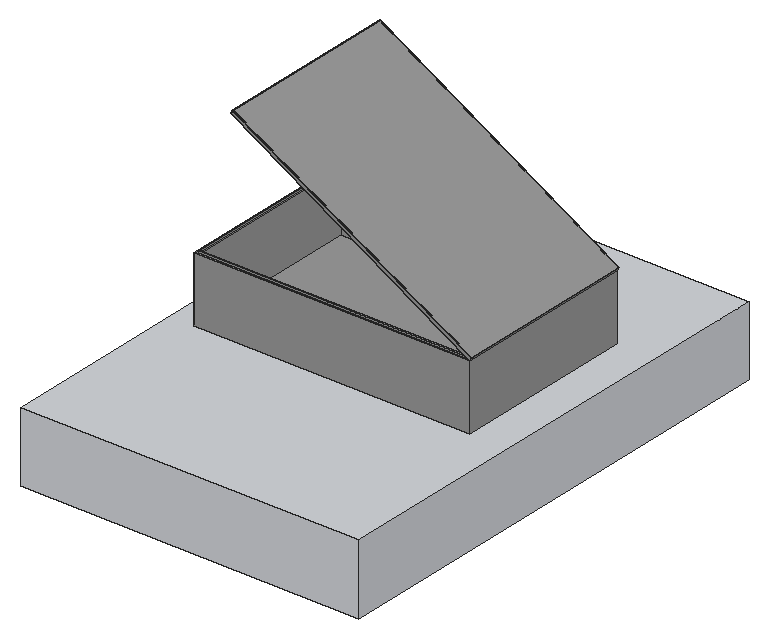
Revit family "Hager-Orion_Inox-IP55-D300-Cl.I-Inox_encl-630A-800mm-CH-it", category Equipement électrique, Revit 2020
Family settings
  Hôte = Face
  Configuration du panneau = Deux colonnes, circuits au sein
  Cote de connecteur circulaire = Utiliser le diamètre
  Type d'élément = Tableau de raccordement
  Couper avec des vides une fois chargée = Non
  Partagée = Non
  Point de calcul de pièce = Non
Parameters (values of type "A parete IP55 L1200 A800 P300  - FL055BWL")
  Width Control [instance] = if([EF000008 - Larghezza] > Min Width, [EF000008 - Larghezza], Min Width)  # 1200 mm
  Commentaires du type = [HG000003 - Gamma]  # "Orion Inox"
  Thickness Door [instance] = if([EF009171 - spessore materiale porta/coperchio] > 3 mm, 3 mm, [EF009171 - spessore materiale porta/coperchio])  # 1.5 mm
  Seal Frame Offset [instance] = 17 mm  # constant formula
  Model = ""
  Min Width [instance] = 100 mm  # constant formula
  Min Height [instance] = 100 mm  # constant formula
  Min Depth [instance] = (2 * [EF009170 - spessore materiale scatola]) + 1 mm  # 4 mm
  Internal Frame Depth [instance] = (Door System Depth * 0.5)  # 9 mm
  Height Control [instance] = if([EF000040 - Altezza] > Min Height, [EF000040 - Altezza], Min Height)  # 800 mm
  HG000027 - Altezza dello zoccolo = 0 mm
  HG000026 - A pavimento = no
  HG000024 - Altezza della sezione inferiore = 800 mm
  HG000023 - Custodia a doppia sezione = no
  HG000016 - Visibilità delle porte nella vista 3D [instance] = yes
  HG000015 - Visibilità attraverso la porta [instance] = no
  HG000014 - Porta destra [instance] = yes
  HG000013 - Porta sinistra [instance] = not([HG000014 - Porta destra])  # no
  HG000012 - Angolo di apertura della porta [instance] = 30.00°
  HG000010 - Porte asimmetriche = no
  HG000009 - Porta doppia a battente = no
  HG000006 - Ad incasso = no
  HG000004 - Codice produttore = "FL055BWL"
  HG000003 - Gamma = "Orion Inox"
  HG000002 - Con porta = yes
  Frame Offset Bottom [instance] = 10 mm  # constant formula
  Frame Offset [instance] = 15 mm  # constant formula
  EF015940 - Coprire con rilascio di sovrapressione = no
  EF011959 - tipo di protezione (NEMA) = ""
  EF009554 - numero delle aperture per la piastra della flangia = 0
  Fabricant = "Hager"  # constant formula
  EF009212 - esecuzione coperchio = "EV000116 - chiuso"
  EF009171 - spessore materiale porta/coperchio = 1.5 mm
  EF009170 - spessore materiale scatola = 1.5 mm
  EF008873 - corrente nominale (In) = 630 A
  EF007800 - adatto per parafulmine = no
  EF006306 - con serratura = yes
  EF006244 - coperchio/porta trasparente = no
  EF005474 - grado di protezione (IP) = "EV006420 - IP55"
  EF004464 - tipo di porta = "EV003602 - doppio"
  EF004427 - numero di moduli = 0
  EF004293 - resistenza agli urti = "EV008784 - IK10"
  EF003532 - adatto per uso esterno = yes
  EF002950 - Numero moduli DIN = 0
  EF001613 - Integrità del circuito = "EV000494 - senza"
  EF001596 - Attacco Lampada = "EV000166 - acciaio inossidabile"
  EF001131 - profondità interna = 266 mm
  EF001088 - possibilità di applicazione = yes
  EF000437 - numero di ingressi per conduttori = 0
  EF000339 - tipo di copertura = "EV004216 - porta"
  EF000266 - numero di file = 0
  EF000218 - profondità di incasso = 0 mm
  EF000118 - con piastra di montaggio = no
  EF000116 - numero RAL = ""
  EF000049 - profondità = 300 mm
  EF000040 - Altezza = 800 mm
  EF000008 - Larghezza = 1200 mm
  EF000007 - colore = "EV000154 - altri"
  EF000003 - Tipo di montaggio = "EV000384 - A parete"
  Door System Leaf Tolerance [instance] = 1.5 mm  # constant formula
  Door System Depth [instance] = 18 mm  # constant formula
  Depth Control [instance] = if([EF000049 - profondità] > Min Depth, [EF000049 - profondità], Min Depth)  # 300 mm
  Default Elevation = 0 mm
Types (4, lengths in mm): name | Width Control | HG000004 - Codice produttore | EF000008 - Larghezza
  A parete IP55 L1000 A800 P300  - FL054BW | 1000 | "FL054BW" | 1000
  A parete IP55 L1000 A800 P300  - FL054BWL | 1000 | "FL054BWL" | 1000
  A parete IP55 L1200 A800 P300  - FL055BW | 1200 | "FL055BW" | 1200
  A parete IP55 L1200 A800 P300  - FL055BWL | 1200 | "FL055BWL" | 1200
Reference planes
  plane 1 "Center (Front/Back)": y = 0
  plane 2: z = 0
  plane 3 "Center (Left/Right)": x = 0
  plane 4: z = 300
  plane 5: y = 1.5
  plane 6: y = 400
  plane 7: y = 0
  plane 8: y = 800
  plane 9: z = 0
  plane 10: x = -585
  plane 11: x = 585
  plane 12: x = 583.5
  plane 13: x = -583.5
  plane 14: y = 798.5
  plane 15: x = -583
  plane 16: x = -600
  plane 17: x = 583
  plane 18: x = 600
  plane 19: x = 598.5
  plane 20: x = -598.5
  plane 21: y = 11.5
  plane 22: y = 800
  plane 23: y = 783.5
  plane 24: z = 282
  plane 25: z = 1.5
  plane 26: z = 280.5
  plane 27: z = 298.5
Forms (mm)
  Extrusion 1, solid
    sketch origin (0, 0, 0) x (1, 0, 0) y (0, 1, 0)
      loop
        line (-702.964, 1305) -> (-702.964, -811.445) -> (766.763, -811.445) -> (766.763, 1305) -> (-702.964, 1305)
    from 0 to -304.8
  Extrusion 2, solid, material "Hager_Stainless_Steel", detail levels medium+fine
    sketch origin (0, 0, 0) x (1, 0, 0) y (0, 1, 0)
      loop
        line (-600, 0) -> (600, 0) -> (600, 800) -> (-600, 800) -> (-600, 0)
    from 0 to 282
  Extrusion 3, solid, material "Hager_Steel_RAL 7035_Light_Grey", not visible, detail levels medium+fine
    sketch origin (0, 28.16, 50.802) x (0, 1, 0) y (0, 0, 1)
      loop
        line (423.34, -50.802) -> (423.34, 237.698)
        arc (423.34, 237.698) -> (420.411, 244.769) -> (413.34, 247.698) r 10
        line (413.34, 247.698) -> (383.34, 247.698) -> (383.34, -50.802) -> (423.34, -50.802)
    from -598.5 to 598.5
  Extrusion 4, void
    sketch origin (0, 0, 0) x (1, 0, 0) y (0, 1, 0)
      loop
        line (-598.5, 1.5) -> (598.5, 1.5) -> (598.5, 798.5) -> (-598.5, 798.5) -> (-598.5, 1.5)
    from 1.5 to 280.5
  Extrusion 5, void
    sketch origin (-381.607, -4572, 282) x (0, -1, 0) y (-1, 0, 0)
      loop
        line (-4583.5, 201.893) -> (-5355.5, 201.893) -> (-5355.5, -965.107) -> (-4583.5, -965.107) -> (-4583.5, 201.893)
    from 0 to 1.5 <- "EF009170 - spessore materiale scatola"
  Extrusion 6, solid, material "Hager_Stainless_Steel", detail levels fine
    sketch origin (-381.607, -4572, 282) x (-1, 0, 0) y (0, -1, 0)
      loop
        line (201.893, -4583.5) -> (-965.107, -4583.5) -> (-965.107, -5355.5) -> (201.893, -5355.5) -> (201.893, -4583.5)
      loop
        line (202.893, -4582) -> (-966.107, -4582) -> (-966.107, -5357) -> (202.893, -5357) -> (202.893, -4582)
    from 0 to 9 <- "Internal Frame Depth"
  Extrusion 7, solid, material "Hager_Stainless_Steel", detail levels coarse
    sketch origin (0, 0, 0) x (1, 0, 0) y (0, 1, 0)
      loop
        line (-600, 0) -> (600, 0) -> (600, 800) -> (-600, 800) -> (-600, 0)
    from 0 to 300
Cuts and joins
  Extrusion 4, Extrusion 5 cuts Extrusion 2
Lines and regions (mm)
  Masking region 1
    outline origin (0, 0, 0) x (1, 0, 0) y (0, 0, 1)
      loop
        line (-600, 300) -> (-600, 0) -> (600, 0) -> (600, 300) -> (-600, 300)
  Masking region 2, detail levels medium+fine
    outline origin (0, 140, 0) x (0, 1, 0) y (0, 0, 1)
      loop
        line (-140, 0) -> (660, 0) -> (660, 282) -> (-140, 282) -> (-140, 0)
  Masking region 3, not visible, detail levels medium+fine
    outline origin (0, 297.922, 0) x (0, 1, 0) y (0, 0, 1)
      loop
        line (113.578, 0) -> (153.578, 0) -> (153.578, 288.5)
        arc (153.578, 288.5) -> (150.649, 295.571) -> (143.578, 298.5) r 10
        line (143.578, 298.5) -> (113.578, 298.5) -> (113.578, 0)
  Masking region 4, detail levels coarse
    outline origin (0, 0, 180) x (0, 1, 0) y (0, 0, 1)
      loop
        line (0, -180) -> (800, -180) -> (800, 120) -> (0, 120) -> (0, -180)
  Masking region 5
    outline origin (-381.607, -4572, 282) x (-1, 0, 0) y (0, -1, 0)
      loop
        line (218.393, -5372) -> (218.393, -4572) -> (-981.607, -4572) -> (-981.607, -5372) -> (218.393, -5372)
Dimensions and locks
  "Depth Control": plane 4 to Extrusion 1
  "EF009170 - spessore materiale scatola": plane 5 to plane 7
  locked: connector elem to plane 3 "Center (Left/Right)"
  equal spacing: plane 8, plane 6, plane 7
  locked: connector elem to plane 6
  "EF009170 - spessore materiale scatola": plane 8 to plane 14
  "EF009170 - spessore materiale scatola": plane 10 to plane 13
  "EF009170 - spessore materiale scatola": plane 12 to plane 11
  "Frame Offset": plane 20 to plane 13
  "Frame Offset": plane 12 to plane 19
  "EF009170 - spessore materiale scatola": plane 16 to plane 20
  "EF009170 - spessore materiale scatola": plane 19 to plane 18
  "Seal Frame Offset": plane 16 to plane 15
  "Seal Frame Offset": plane 17 to plane 18
  "Frame Offset Bottom": plane 21 to plane 5
  "Frame Offset": plane 14 to plane 23
  equal spacing: plane 16, plane 3 "Center (Left/Right)", plane 18
  "Width Control": plane 16 to plane 18
  "EF009170 - spessore materiale scatola": plane 4 to plane 27
  "EF009170 - spessore materiale scatola": plane 24 to plane 26
  "EF009170 - spessore materiale scatola": plane 25 to level
  "Door System Depth": plane 4 to plane 24
  "Height Control": plane 1 "Center (Front/Back)" to Extrusion 7 sketch curve
  "Height Control": Masking region 4 sketch curve to plane 1 "Center (Front/Back)"
  "Thickness Door": Extrusion 6 sketch curve to plane 15
  "Thickness Door": plane 21 to Extrusion 6 sketch curve
  "Thickness Door": plane 17 to Extrusion 6 sketch curve
  "Thickness Door": Extrusion 6 sketch curve to plane 23
  "Height Control": plane 1 "Center (Front/Back)" to plane 22
  radius of Masking region 3 sketch curve = 10 mm
  radius of Extrusion 3 sketch curve = 10 mm
  aligned and locked: plane 2 to Extrusion 1
  aligned and locked: level to Extrusion 1
  aligned and locked: level to Masking region 1 sketch curve
  aligned and locked: Masking region 1 sketch curve to plane 18
  aligned and locked: Masking region 1 sketch curve to plane 16
  aligned and locked: plane 7 to Masking region 2 sketch curve
  aligned and locked: level to Masking region 3 sketch curve
  aligned and locked: Masking region 3 sketch curve to plane 27
  aligned and locked: level to Masking region 2 sketch curve
  aligned and locked: Extrusion 2 sketch curve to plane 7
  aligned and locked: plane 16 to Extrusion 2 sketch curve
  aligned and locked: plane 18 to Extrusion 2 sketch curve
  aligned and locked: Extrusion 3 sketch curve to level
  aligned and locked: plane 27 to Extrusion 3 sketch curve
  aligned and locked: plane 20 to Extrusion 3
  aligned and locked: plane 19 to Extrusion 3
  aligned and locked: plane 20 to Extrusion 4 sketch curve
  aligned and locked: plane 19 to Extrusion 4 sketch curve
  aligned and locked: Extrusion 4 sketch curve to plane 5
  aligned and locked: Extrusion 4 to plane 25
  aligned and locked: plane 26 to Extrusion 4
  aligned and locked: plane 24 to Extrusion 2
  aligned and locked: Extrusion 5 sketch curve to plane 21
  aligned and locked: Extrusion 5 sketch curve to plane 13
  aligned and locked: Extrusion 5 sketch curve to plane 12
  aligned and locked: plane 18 to Extrusion 7 sketch curve
  aligned and locked: plane 1 "Center (Front/Back)" to Extrusion 7 sketch curve
  aligned and locked: plane 16 to Extrusion 7 sketch curve
  aligned and locked: plane 4 to Extrusion 7
  aligned and locked: Extrusion 7 to level
  aligned and locked: level to Masking region 4 sketch curve
  aligned and locked: Masking region 4 sketch curve to plane 1 "Center (Front/Back)"
  aligned and locked: Masking region 4 sketch curve to plane 4
  aligned and locked: nested 1 to level
  aligned and locked: nested 1 to plane 16
  aligned and locked: Extrusion 2 sketch curve to plane 8
  aligned and locked: Extrusion 5 sketch curve to plane 23
  aligned and locked: Extrusion 4 sketch curve to plane 14
  aligned and locked: Extrusion 6 sketch curve to plane 21
  aligned and locked: plane 13 to Extrusion 6 sketch curve
  aligned and locked: Extrusion 6 sketch curve to plane 23
  aligned and locked: plane 12 to Extrusion 6 sketch curve
  aligned and locked: Masking region 2 sketch curve to plane 8
  aligned and locked: Masking region 2 sketch curve to plane 24
  aligned and locked: nested 2 to plane 3 "Center (Left/Right)"
  aligned and locked: nested 2 to plane 24
  aligned and locked: Masking region 5 sketch curve to plane 1 "Center (Front/Back)"
  aligned and locked: Masking region 5 sketch curve to plane 18
  aligned and locked: Masking region 5 sketch curve to plane 22
  aligned and locked: Masking region 5 sketch curve to plane 16
  aligned and locked: plane 8 to plane 22
  aligned and locked: plane 7 to plane 1 "Center (Front/Back)"
  aligned and locked: nested 2 to plane 1 "Center (Front/Back)"
Automatic sketch dimensions
  Extrusion 1 sketch curve to Extrusion 1 sketch curve = 1469.727 mm
  Extrusion 1 sketch curve to Extrusion 1 sketch curve = 2116.445 mm
  plane 6 to Masking region 3 sketch curve = 11.5 mm
  Masking region 3 sketch curve to Masking region 3 sketch curve = 30 mm
  plane 6 to Extrusion 3 sketch curve = 11.5 mm
  Extrusion 3 sketch curve to Extrusion 3 sketch curve = 30 mm
  Masking region 1 sketch curve to plane 4 = 0 mm
Nested families
  nested 1: "Hager_Enclosure_Symbol" at (-600, 0, 0) x (1, 0, 0) z (0, -1, 0), Height <- "Depth Control", Width <- "Width Control", type "Hager_Enclosure_Symbol"
    with Width_Ctrl 1200 mm, Width 1200 mm, Height_Ctrl 300 mm, Height 300 mm, A_Width_Int 19.688 mm, A_Width 236.25 mm, A_Height_Ctrl 262.5 mm, A_Height 262.5 mm
  nested 2: "EC000058_OrionInox_Door" at (0, 800, 282) x (1, 0, 0) z (0, -1, 0), Leaf_Tolerance <- "Door System Leaf Tolerance", Angle <- "HG000012 - Angolo di apertura della porta", Door_Depth <- "Door System Depth", Door_Left <- "HG000013 - Porta sinistra", Transparent <- "EF006244 - coperchio/porta trasparente", Assymetrical <- "HG000010 - Porte asimmetriche", Width <- "Width Control", Clearance <- "HG000015 - Visibilità attraverso la porta", Double <- "HG000009 - Porta doppia a battente", 3d_Door <- "HG000016 - Visibilità delle porte nella vista 3D", Width_Ctrl <- "Width Control", Door_Right <- "HG000014 - Porta destra", Door <- "HG000002 - Con porta", Height <- "Height Control", Thickness <- "Thickness Door", type "EC000058_OrionInox_Door", detail levels medium+fine
    with min_wh 4 mm, Width_Ctrl 1200 mm, Width 1200 mm, Transparent no, Thickness 1.5 mm, Seal_Material Hager_Rubber, Leaf_Width 1200 mm, Leaf_Tolerance_External_Sides 0 mm, Leaf_Tolerance 1.5 mm, Leaf_Offset 0 mm, Leaf_Height 797 mm, Leaf_2_Width 1200 mm, Leaf_2_Offset 600 mm, Leaf_1_Width 1200 mm, Leaf_1_Offset 600 mm, Height_Ctrl 800 mm, Height 800 mm, Glass_Material Hager_Glass, Double_Clearance_Ctrl no, Double no, Door_Right_Ctrl yes, Door_Right yes, Door_Material Hager_Stainless_Steel, Door_Left_Ctrl no, Door_Left no, Door_Depth 18 mm, Door yes, Clearance_Material Hager_Clearance, Clearance_Depth 1200 mm, Clearance_Ctrl no, Clearance no, Assymetrical no, Angle 30.00°, 3d_Door yes
Connectors
  electrical at (0, 400, 0)
    settings: on plane 9, index 1, voltage 0 V, apparent load 0 VA, apparent load phase1 0 VA, apparent load phase2 0 VA, apparent load phase3 0 VA, power factor 1, load classification "Other", number of poles 1, system type 30, power factor state 1, is connector primary yes, connector utility no, sub classification motor no, connector description ""
Definition of nested family "EC000058_OrionInox_Door"
  Parameters (values of type "EC000058_OrionInox_Door")
    min_wh [instance] = (2 * Thickness) + 1 mm  # 11 mm
    Width_Ctrl [instance] = 400 mm
    Width [instance] = 500 mm
    Transparent [instance] = yes
    Thickness [instance] = 5 mm
    Seal_Material [instance] = none
    Leaf_Width [instance] = if((Width_Ctrl - 2 * Leaf_Tolerance_External_Sides) > 0 mm, (Width_Ctrl - 2 * Leaf_Tolerance_External_Sides), min_wh)  # 400 mm
    Leaf_Tolerance_External_Sides [instance] = 0 mm  # constant formula
    Leaf_Tolerance [instance] = 1.5 mm
    Leaf_Offset [instance] = 0 mm  # constant formula
    Leaf_Height [instance] = if((Height_Ctrl - 2 * Leaf_Tolerance) > 0 mm, (Height_Ctrl - 2 * Leaf_Tolerance), min_wh)  # 497 mm
    Leaf_2_Width [instance] = if(and(and(Double, Assymetrical), Door_Left), (Leaf_Width / 3) - (Leaf_Tolerance / 2), if(and(and(Double, Assymetrical), Door_Right), (Leaf_Width / 3) * 2 - (Leaf_Tolerance / 2), if(and(Double, not(Assymetrical)), (Leaf_Width / 2) - Leaf_Tolerance, Leaf_Width)))  # 400 mm
    Leaf_2_Offset [instance] = if(and(Double, Assymetrical), Leaf_2_Width / 2, if(and(Double, not(Assymetrical)), Leaf_Width / 4, Leaf_Width / 2))  # 200 mm
    Leaf_1_Width [instance] = if(and(and(Double, Assymetrical), Door_Right), (Leaf_Width / 3) - (Leaf_Tolerance / 2), if(and(and(Double, Assymetrical), Door_Left), (Width / 3) * 2 - (Leaf_Tolerance / 2), if(and(Double, not(Assymetrical)), (Leaf_Width / 2) - Leaf_Tolerance, Leaf_Width)))  # 400 mm
    Leaf_1_Offset [instance] = if(and(Double, Assymetrical), Leaf_1_Width / 2, if(and(Double, not(Assymetrical)), Leaf_Width / 4, Leaf_Width / 2))  # 200 mm
    Height_Ctrl [instance] = if(Height > min_wh, Height, min_wh)  # 500 mm
    Height [instance] = 500 mm
    Glass_Material [instance] = none
    Double_Clearance_Ctrl [instance] = and(Double, Clearance)  # no
    Double [instance] = no
    Door_Right_Ctrl [instance] = and(or(Door_Right, Double), Door)  # yes
    Door_Right [instance] = yes
    Door_Material [instance] = none
    Door_Left_Ctrl [instance] = and(or(Door_Left, Double), Door)  # no
    Door_Left [instance] = no
    Door_Depth [instance] = 30 mm
    Door [instance] = yes
    Default Elevation = 1219.2 mm
    Clearance_Material [instance] = none
    Clearance_Depth [instance] = if(Leaf_1_Width > Leaf_2_Width, Leaf_1_Width, Leaf_2_Width)  # 400 mm
    Clearance_Ctrl [instance] = and(not(Double), Clearance)  # yes
    Clearance [instance] = yes
    Assymetrical [instance] = yes
    Angle [instance] = 30.00°
    3d_Door [instance] = yes
  Reference planes
    plane 1 "Center (Front/Back)": y = 0
    plane 2 "Bottom": z = 0
    plane 3 "Center (Left/Right)": x = 0
    plane 4: z = 500
    plane 5: x = -200
    plane 6: x = 200
    plane 7: z = 500
    plane 8: x = -200
    plane 9: z = 0
    plane 10: x = 200
    plane 11: y = 0
    plane 12: z = 1.5
    plane 13: x = -600
    plane 14: y = -400
    plane 15: x = 600
    plane 16: x = 0
    plane 17: x = 0
    plane 18: x = -200
    plane 19: x = 200
    plane 20: z = 498.5
  Forms (mm)
    Extrusion 1, solid, material <- "Clearance_Material", visible <- "Double_Clearance_Ctrl"
      sketch origin (1200, 0, 0) x (1, 0, 0) y (0, 0, -1)
        loop
          line (-1800, -498.5) -> (-600, -498.5) -> (-600, 0) -> (-1800, 0) -> (-1800, -498.5)
      from 0 to -400
  Dimensions and locks
    equal spacing: plane 5, plane 3 "Center (Left/Right)", plane 6
    "Width_Ctrl": plane 5 to plane 6
    "Leaf_Offset": plane 5 to plane 8
    "Leaf_Offset": plane 6 to plane 10
    "Leaf_Offset": plane 9 to level
    "Leaf_Offset": plane 4 to plane 7
    "Height_Ctrl": plane 4 to level
    "Leaf_Tolerance": plane 12 to plane 9
    locked: plane 11 to plane 1 "Center (Front/Back)"
    "Leaf_1_Offset": plane 18 to plane 16
    "Leaf_2_Offset": plane 17 to plane 19
    "Leaf_1_Width": plane 13 to plane 8
    "Leaf_2_Width": plane 10 to plane 15
    "Clearance_Depth": plane 14 to plane 1 "Center (Front/Back)"
    "Leaf_Tolerance_External_Sides": plane 8 to plane 18
    "Leaf_Tolerance_External_Sides": plane 19 to plane 10
    "Leaf_Tolerance": plane 7 to plane 20
    aligned and locked: level to plane 2 "Bottom"
    aligned and locked: nested 1 to plane 16
    aligned and locked: nested 2 to plane 17
    aligned and locked: Extrusion 1 to plane 13
    aligned and locked: plane 15 to Extrusion 1
    aligned and locked: Extrusion 1 to plane 14
    aligned and locked: plane 12 to nested 1
    aligned and locked: nested 2 to plane 12
    aligned and locked: Extrusion 1 to plane 11
    aligned and locked: plane 20 to Extrusion 1
    aligned and locked: nested 2 to plane 11
    aligned and locked: nested 1 to plane 11
  Automatic sketch dimensions
    Extrusion 1 sketch curve to level = 0 mm
    plane 5 to Extrusion 1 sketch curve = 400 mm
    plane 6 to Extrusion 1 sketch curve = 400 mm
    Extrusion 1 sketch curve to plane 4 = 1.5 mm
  Nested families
    nested 1: "EC000058_OrionInox_Door_Leaf" at (0, 0, 1.5), Width <- "Leaf_1_Width", visible <- "Door_Left_Ctrl", Leaf_Height <- "Leaf_Height", Angle <- "Angle", 3d_Door <- "3d_Door", Transparent <- "Transparent", Clearance Material <- "Clearance_Material", Clearance <- "Clearance_Ctrl", Door_Material <- "Door_Material", Glass_Material <- "Glass_Material", Door_Depth <- "Door_Depth", Seal_Material <- "Seal_Material", Thickness <- "Thickness", type "EC000058_OrionInox_Door_Leaf"
      with Width 400 mm, Transparent_Ctrl yes, Transparent yes, Thickness 5 mm, Standard no, Seal_Material none, Seal_D2 8 mm, Seal_D1 1 mm, Offset_Internal_Frame 10 mm, Lock_Width 28 mm, Lock_Thickness 2 mm, Lock_Radius 6 mm, Leaf_Height 497 mm, Internal_Seal_Thickness 8 mm, Internal_Seal_Depth_2 4.5 mm, Internal_Frame_Depth 25 mm, Glass_Thickness -1 mm, Glass_Offset -2 mm, Glass_Material none, Door_Material none, Door_Depth 30 mm, Clearance Material none, Clearance yes, Angle_Ctrl 30.00°, Angle 30.00°, 3d_Door yes
    nested 2: "EC000058_OrionInox_Door_Leaf" at (0, 0, 1.5) x (-1, 0, 0) z (0, 0, 1), Width <- "Leaf_2_Width", visible <- "Door_Right_Ctrl", Leaf_Height <- "Leaf_Height", Angle <- "Angle", 3d_Door <- "3d_Door", Transparent <- "Transparent", Clearance Material <- "Clearance_Material", Clearance <- "Clearance_Ctrl", Door_Material <- "Door_Material", Glass_Material <- "Glass_Material", Door_Depth <- "Door_Depth", Seal_Material <- "Seal_Material", Thickness <- "Thickness", type "EC000058_OrionInox_Door_Leaf"
      with Width 400 mm, Transparent_Ctrl yes, Transparent yes, Thickness 5 mm, Standard no, Seal_Material none, Seal_D2 8 mm, Seal_D1 1 mm, Offset_Internal_Frame 10 mm, Lock_Width 28 mm, Lock_Thickness 2 mm, Lock_Radius 6 mm, Leaf_Height 497 mm, Internal_Seal_Thickness 8 mm, Internal_Seal_Depth_2 4.5 mm, Internal_Frame_Depth 25 mm, Glass_Thickness -1 mm, Glass_Offset -2 mm, Glass_Material none, Door_Material none, Door_Depth 30 mm, Clearance Material none, Clearance yes, Angle_Ctrl 30.00°, Angle 30.00°, 3d_Door yes
  Definition of nested family "EC000058_OrionInox_Door_Leaf"
    Parameters (values of type "EC000058_OrionInox_Door_Leaf")
      Width [instance] = 450 mm
      Transparent_Ctrl [instance] = and(Transparent, [3d_Door])  # yes
      Transparent [instance] = yes
      Thickness [instance] = 5 mm
      Standard [instance] = and(not(Transparent), [3d_Door])  # no
      Seal_Material [instance] = none
      Seal_D2 [instance] = 8 mm  # constant formula
      Seal_D1 [instance] = 1 mm  # constant formula
      Offset_Internal_Frame [instance] = 10 mm  # constant formula
      Lock_Width [instance] = Door_Depth - Lock_Thickness  # 28 mm
      Lock_Thickness [instance] = 2 mm  # constant formula
      Lock_Radius [instance] = 6 mm  # constant formula
      Leaf_Height [instance] = 450 mm
      Internal_Seal_Thickness [instance] = 8 mm  # constant formula
      Internal_Seal_Depth_2 [instance] = 4.5 mm  # constant formula
      Internal_Frame_Depth [instance] = if(Door_Depth - Thickness > 5 mm, Door_Depth - Thickness, 5 mm)  # 25 mm
      Glass_Thickness [instance] = if(Thickness > 15 mm, Glass_Offset + 10 mm, -1 mm)  # -1 mm
      Glass_Offset [instance] = if(Thickness > 15 mm, -(Thickness + 10 mm) / 2, -2 mm)  # -2 mm
      Glass_Material [instance] = none
      Door_Material [instance] = none
      Door_Depth [instance] = 30 mm
      Default Elevation = 0 mm
      Clearance Material [instance] = none
      Clearance [instance] = yes
      Angle_Ctrl [instance] = if(Angle > 180.00°, 180.00°, Angle)  # 90.00°
      Angle [instance] = 90.00°
      3d_Door [instance] = yes
    Reference planes
      plane 1 "Center (Front/Back)": y = 0
      plane 2: z = 0
      plane 3 "Center (Left/Right)": x = 0
      plane 4: y = 450
      plane 5: x = -225
      plane 6: x = 225
      plane 7: x = -675
      plane 8: z = 450
      plane 9: z = 30
      plane 10: z = 420
      plane 11: x = 195
      plane 12: x = -195
      plane 13: y = -3
      plane 14: z = 107.833
      plane 15: y = -5
      plane 16: y = -223.314
      plane 17: x = -225
      plane 18: y = 30
    Forms (mm)
      Extrusion 1, solid, material <- "Clearance Material", visible <- "Clearance"
        sketch origin (0, 0, 0) x (1, 0, 0) y (0, 0, 1)
          loop
            line (-675, 450) -> (-675, 0) -> (225, 0) -> (225, 450) -> (-675, 450)
        from 0 to -450
      Extrusion 2, solid, material <- "Door_Material", visible <- "Standard", detail levels medium+fine
        sketch origin (-225, 0, 0) x (0, 1, 0) y (-1, 0, 0)
          loop
            line (0, 30) -> (0, 25) -> (450, 25) -> (450, 30) -> (0, 30)
        from 0 to 450 <- "Leaf_Height"
      Extrusion 3, solid, material <- "Door_Material", visible <- "Transparent_Ctrl", detail levels medium+fine
        sketch origin (-225, 0, 0) x (0, 1, 0) y (-1, 0, 0)
          loop
            line (0, 25) -> (450, 25) -> (450, 30) -> (0, 30) -> (0, 25)
        from 0 to 450 <- "Leaf_Height"
      Extrusion 4, void
        sketch origin (-250, 450, 0) x (0, 1, 0) y (0, 0, -1)
          loop
            line (-30, -420) -> (-30, -30) -> (-420, -30) -> (-420, -420) -> (-30, -420)
        from 0 to 5 <- "Thickness"
      Sweep 5, solid, material <- "Seal_Material", visible <- "Transparent_Ctrl", detail levels fine
        path in 3D
          loop
            line (-250, 30, 30) -> (-250, 30, 420) -> (-250, 420, 420) -> (-250, 420, 30) -> (-250, 30, 30)
        profile origin (-250, 225, 30) x (1, 0, 0) y (0, 0, 1)
          loop
            line (0, 0) -> (0, -8) -> (1, -8) -> (1, 0) -> (0, 0)
      Extrusion 6, solid, material <- "Glass_Material", visible <- "Transparent_Ctrl", detail levels medium+fine
        sketch origin (-255, 0, 0) x (0, 1, 0) y (0, 0, -1)
          loop
            line (420, -420) -> (420, -30) -> (30, -30) -> (30, -420) -> (420, -420)
        from -2 <- "Glass_Offset" to -1 <- "Glass_Thickness"
      Extrusion 7, solid, material <- "Door_Material", visible <- "3d_Door", detail levels medium+fine
        sketch origin (-250, 450, 0) x (0, -1, 0) y (0, 0, -1)
          loop
            line (0, -450) -> (450, -450) -> (450, 0) -> (0, 0) -> (0, -450)
          loop
            line (445, -5) -> (5, -5) -> (5, -445) -> (445, -445) -> (445, -5)
        from 0 to 25 <- "Internal_Frame_Depth"
      Sweep 8, solid, material <- "Seal_Material", visible <- "Transparent_Ctrl", detail levels fine
        path in 3D
          loop
            line (-250, 0, 0) -> (-250, 450, 0) -> (-250, 450, 450) -> (-250, 0, 450) -> (-250, 0, 0)
        profile origin (-250, 0, 225) x (1, 0, 0) y (0, 1, 0)
          loop
            line (0, 10) -> (2.975, 10)
            arc (2.975, 10) -> (4.053, 10.447) -> (4.5, 11.525) r 1.525
            line (4.5, 11.525) -> (4.5, 16.527)
            arc (4.5, 16.527) -> (4.069, 17.569) -> (3.027, 18) r 1.473
            line (3.027, 18) -> (0, 18) -> (0, 10)
    Cuts and joins
      Extrusion 4 cuts Extrusion 3
    Lines and regions (mm)
      Masking region 1, detail levels medium+fine
        outline origin (0, 0, 0) x (0, 1, 0) y (0, 0, 1)
          loop
            line (0, 0) -> (30, 0) -> (30, 450) -> (0, 450) -> (0, 0)
      Masking region 2, detail levels medium+fine
        outline origin (0, 0, 0) x (1, 0, 0) y (0, 0, 1)
          loop
            line (-225, 450) -> (-225, 0) -> (225, 0) -> (225, 450) -> (-225, 450)
      symbolic lines
        curve 1: line (225, 0, 0) -> (-675, 0, 0)
        curve 2: arc (225, 0, 0) -> (-225, 450, 0) -> (-675, 0, 0) r 450
        curve 4: line (-255, 0, 0) -> (-255, 450, 0)
      reference lines
        curve 3: line (-225, 0, 0) -> (-225, 450, 0)
      symbolic lines, detail levels medium+fine
        curve 5: line (-255, 450, 0) -> (-250, 450, 0)
        curve 7: line (-250, 0, 0) -> (-255, 0, 0)
        curve 8: line (-250, 0, 0) -> (-225, 0, 0)
        curve 9: line (-225, 0, 0) -> (-225, 450, 0)
        curve 10: line (-225, 450, 0) -> (-250, 450, 0)
      symbolic lines, detail levels fine
        curve 6: line (-250, 450, 0) -> (-250, 0, 0)
      sketch lines
        curve 11: line (-250, 0, 450) -> (-250, 0, 0)
        curve 12: line (-250, 450, 0) -> (-250, 0, 0)
        curve 13: line (-250, 450, 450) -> (-250, 450, 0)
        curve 14: line (-250, 0, 450) -> (-250, 450, 450)
        curve 15: line (-250, 420, 30) -> (-250, 30, 30)
        curve 16: line (-250, 30, 30) -> (-250, 30, 420)
        curve 17: line (-250, 420, 420) -> (-250, 420, 30)
        curve 18: line (-250, 30, 420) -> (-250, 420, 420)
      symbolic lines, visible <- "Transparent", detail levels medium+fine
        curve 19: line (-195, 0, 420) -> (195, 0, 420)
        curve 20: line (-195, 0, 30) -> (-195, 0, 420)
        curve 21: line (195, 0, 30) -> (-195, 0, 30)
        curve 22: line (195, 0, 420) -> (195, 0, 30)
    Dimensions and locks
      "Width": plane 1 "Center (Front/Back)" to plane 4
      equal spacing: plane 5, plane 3 "Center (Left/Right)", plane 6
      "Width": plane 5 to plane 6
      "Width": plane 7 to plane 5
      "Leaf_Height": plane 8 to level
      "Width": curve 5 to curve 3
      "Width": curve 3 to curve 3
      plane 8 to plane 10 = 30 mm
      plane 9 to level = 30 mm
      plane 12 to plane 5 = 30 mm
      plane 6 to plane 11 = 30 mm
      Extrusion 4 sketch curve to Extrusion 3 = 30 mm
      Extrusion 3 to Extrusion 4 sketch curve = 30 mm
      Extrusion 1 to Extrusion 4 sketch curve = 30 mm
      curve 3 to Extrusion 4 sketch curve = 30 mm
      Extrusion 4 sketch curve to cut or joined group of Extrusion 3, Extrusion 4 = 30 mm
      cut or joined group of Extrusion 3, Extrusion 4 to Extrusion 6 sketch curve = 30 mm
      cut or joined group of Extrusion 3, Extrusion 4 to Extrusion 4 sketch curve = 30 mm
      "Thickness": curve 6 to curve 4
      "Thickness": Extrusion 7 sketch curve to Extrusion 7 sketch curve  (x4)
      "Door_Depth": curve 4 to curve 3
      "Offset_Internal_Frame": profile plane to Sweep 8 sketch curve
      "Internal_Seal_Thickness": Sweep 8 sketch curve to Sweep 8 sketch curve
      "Internal_Seal_Depth_2": profile plane to Sweep 8 sketch curve
      "Seal_D1": profile plane to Sweep 5 sketch curve
      "Seal_D2": profile plane to Sweep 5 sketch curve
      "Thickness": Extrusion 2 sketch curve to Extrusion 2 sketch curve
      "Door_Depth": plane 18 to plane 1 "Center (Front/Back)"
      radius of Sweep 8 sketch curve = 1.525 mm
      radius of Sweep 8 sketch curve = 1.473 mm
      "Angle_Ctrl": angle plane 1 "Center (Front/Back)" to curve 3
      aligned and locked: level to plane 2
      aligned and locked: Extrusion 1 to curve 1
      aligned and locked: plane 6 to Extrusion 1
      aligned and locked: plane 1 "Center (Front/Back)" to Extrusion 1
      aligned and locked: plane 4 to Extrusion 1
      aligned and locked: plane 8 to Extrusion 1
      aligned and locked: curve 7 to Extrusion 2 sketch curve
      aligned and locked: curve 5 to Extrusion 2 sketch curve
      aligned and locked: curve 7 to Extrusion 3 sketch curve
      aligned and locked: Extrusion 3 sketch curve to curve 4
      aligned and locked: Extrusion 3 sketch curve to curve 6
      aligned and locked: Extrusion 3 sketch curve to curve 5
      aligned and locked: curve 9 to curve 3
      aligned and locked: Extrusion 7 sketch curve to cut or joined group of Extrusion 3, Extrusion 4  (x4)
      aligned and locked: plane 17 to curve 3
      aligned and locked: plane 1 "Center (Front/Back)" to curve 3
      aligned and locked: plane 17 to plane 5
      aligned and locked: Sweep 8 sketch curve to profile plane
      aligned and locked: Sweep 5 sketch curve to profile plane  (x2)
      aligned and locked: plane 1 "Center (Front/Back)" to Masking region 1 sketch curve
      aligned and locked: plane 18 to Masking region 1 sketch curve
      aligned and locked: level to Masking region 1 sketch curve
      aligned and locked: Masking region 1 sketch curve to plane 8
      aligned and locked: plane 17 to Masking region 2 sketch curve
      aligned and locked: level to Masking region 2 sketch curve
      aligned and locked: Masking region 2 sketch curve to plane 8
      aligned and locked: plane 12 to curve 20
      aligned and locked: plane 10 to curve 19
      aligned and locked: plane 11 to curve 22
      aligned and locked: plane 9 to curve 21
      aligned and locked: Extrusion 2 sketch curve to cut or joined group of Extrusion 3, Extrusion 4
    Automatic sketch dimensions
      plane 1 "Center (Front/Back)" to curve 2 = 0 mm
      curve 2 to plane 5 = 0 mm
      Extrusion 1 sketch curve to level = 0 mm
      Extrusion 1 sketch curve to plane 7 = 0 mm
      Extrusion 1 sketch curve to plane 6 = 0 mm
      Extrusion 1 sketch curve to plane 8 = 0 mm
      Extrusion 3 to Extrusion 6 sketch curve = 30 mm  (x4)
      Masking region 2 sketch curve to plane 6 = 0 mm
      curve 4 to curve 3 = 0 mm
Definition of nested family "Hager_Enclosure_Symbol"
  Parameters (values of type "Hager_Enclosure_Symbol")
    Width_Ctrl [instance] = if(Width > 1 mm, Width, 1 mm)  # 102.27 mm
    Width [instance] = 102.27 mm
    Height_Ctrl [instance] = if(Height > 1 mm, Height, 1 mm)  # 66.5 mm
    A_Width_Int [instance] = if(A_Width / 12 > 2 mm, A_Width / 12, 2 mm)  # 4.364 mm
    A_Width [instance] = if(A_Height_Ctrl * 0.9 > 2 mm, A_Height_Ctrl * 0.9, 2 mm)  # 52.369 mm
    A_Height_Ctrl [instance] = if(A_Height > 2 mm, A_Height, 2 mm)  # 58.188 mm
    Height [instance] = 66.5 mm
    A_Height [instance] = Height - (Height / 8)  # 58.188 mm
  Reference planes
    plane 1 "Centre (avant/arrière)": y = 0
    plane 2: z = 0
    plane 3 "Centre (gauche/droite)": x = 0
    plane 4: x = 52.369
    plane 5: y = 33.042
    plane 6: y = 41.77
    plane 7: y = 66.5
    plane 8: x = 26.184
    plane 9: y = 37.406
    plane 10: x = 102.27
    plane 11: y = 66.5
    plane 12: y = 8.313
  Lines and regions (mm)
    Filled region 1, type "Solid_Black", in view "Niveau de réf."
      outline origin (0, 0, 0) x (1, 0, 0) y (0, 1, 0)
        loop
          line (52.369, 66.5) -> (33.188, 54.536) -> (45.365, 45.006) -> (52.369, 66.5)
    Filled region 2, type "Solid_Black", in view "Niveau de réf."
      outline origin (0, 0, 0) x (1, 0, 0) y (0, 1, 0)
        loop
          line (0, 0) -> (102.27, 0) -> (102.27, 66.5) -> (0, 0)
    detail lines, in view "Niveau de réf."
      curve 1: line (0, 8.313, 0) -> (26.184, 41.77, 0)
      curve 2: line (26.184, 41.77, 0) -> (26.184, 33.042, 0)
      curve 3: line (26.184, 33.042, 0) -> (52.369, 66.5, 0)
  Dimensions and locks
    "A_Width": plane 3 "Centre (gauche/droite)" to plane 4
    equal spacing: plane 3 "Centre (gauche/droite)", plane 8, plane 4
    equal spacing: plane 6, plane 9, plane 5
    equal spacing: curve 3, Filled region 1 sketch curve, Filled region 1 sketch curve
    "Height_Ctrl": plane 1 "Centre (avant/arrière)" to plane 11
    "A_Height_Ctrl": plane 11 to plane 12
    equal spacing: plane 11, plane 9, plane 12
    "A_Width_Int": plane 6 to plane 9
    "Width_Ctrl": plane 3 "Centre (gauche/droite)" to plane 10
    angle Filled region 1 sketch curve to curve 3 = 20.00°
    angle curve 3 to Filled region 1 sketch curve = 20.00°
    locked: curve 3 to Filled region 1 sketch curve (angle 90.00°)
    aligned and locked: plane 10 to Filled region 2
    aligned and locked: plane 11 to Filled region 2 sketch curve
    aligned and locked: plane 10 to Filled region 2 sketch curve
    aligned and locked: plane 3 "Centre (gauche/droite)" to curve 1
    aligned and locked: plane 12 to curve 1
    aligned and locked: plane 7 to plane 11
  Automatic sketch dimensions
    Filled region 1 sketch curve to plane 4 = 0 mm
    Filled region 1 sketch curve to plane 7 = 0 mm
    plane 1 "Centre (avant/arrière)" to Filled region 2 sketch curve = 0 mm
    Filled region 2 sketch curve to plane 3 "Centre (gauche/droite)" = 0 mm
    curve 2 to plane 6 = 0 mm
    curve 2 to plane 8 = 0 mm
    curve 3 to plane 4 = 0 mm
    curve 2 to plane 5 = 0 mm
    curve 3 to plane 7 = 0 mm
